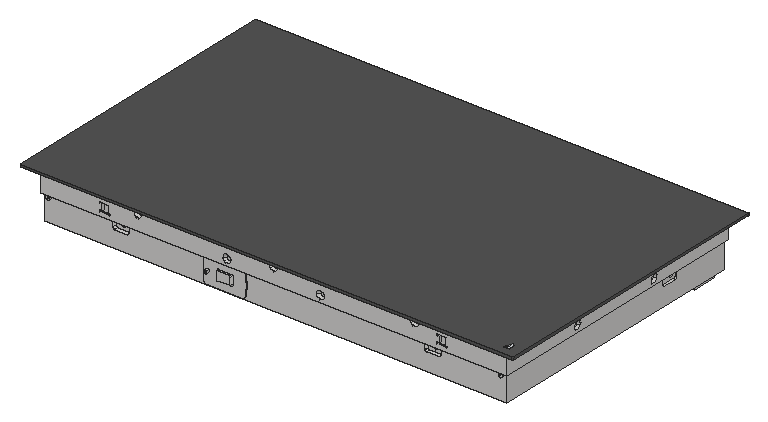
Revit family "P210876JX-014_JEC4536KB", category Specialty Equipment, Revit 2026 (continued)
Automatic sketch dimensions
  curve 104 to curve 107 = 0.44056"
  curve 44 to curve 46 = 0.44056"
  curve 60 to curve 61 = 0.44056"
  curve 68 to curve 69 = 0.44056"
  curve 88 to curve 89 = 0.44056"
  curve 90 to curve 92 = 0.05944"
  curve 69 to curve 72 = 0.05944"
  curve 45 to curve 48 = 0.05944"
  curve 48 to curve 50 = 0.44056"
  curve 92 to curve 95 = 0.44056"
  curve 72 to curve 74 = 0.44056"
  curve 93 to curve 101 = 0.2978"
  curve 74 to curve 83 = 0.2978"
  curve 50 to curve 59 = 0.2978"
  curve 82 to curve 80 = 0.44056"
  curve 57 to curve 57 = 0.44056"
  curve 101 to curve 100 = 0.44056"
  curve 80 to curve 78 = 0.05944"
  curve 100 to curve 111 = 0.05944"
  curve 61 to curve 66 = 1.2978"
  curve 56 to curve 55 = 0.05944"
  curve 100 to curve 99 = 0.05944"
  curve 98 to curve 96 = 0.44056"
  curve 108 to curve 109 = 0.44056"
  curve 66 to curve 64 = 0.44056"
  curve 53 to curve 52 = 0.44056"
  curve 78 to curve 79 = 0.44056"
  curve 28 to Extrusion 22 = 13/128"
  curve 32 to Extrusion 22 = 5.27729"
  curve 114 to Extrusion 22 = 6.70429"
  curve 133 to curve 109 = 5.22067"
  curve 106 to curve 108 = 0"
  curve 104 to curve 104 = 0.44056"
  curve 108 to curve 108 = 0.44056"
  curve 106 to curve 94 = 0.91153"
  curve 88 to curve 92 = 0"
  curve 102 to curve 93 = 0"
  curve 96 to curve 100 = 0"
  curve 97 to curve 99 = 0.44056"
  curve 93 to curve 95 = 0.44056"
  curve 100 to curve 98 = 0"
  curve 91 to curve 92 = 0"
  curve 90 to curve 85 = 2.4261"
  curve 85 to curve 87 = 0.44056"
  curve 86 to curve 73 = 0.91153"
  curve 69 to curve 72 = 0"
  curve 80 to curve 73 = 0"
  curve 78 to curve 80 = 0"
  curve 76 to curve 76 = 0.44056"
  curve 72 to curve 75 = 0.44056"
  curve 83 to curve 74 = 0"
  curve 71 to curve 72 = 0"
  curve 68 to curve 120 = 0.20978"
  curve 70 to curve 61 = 2.45735"
  curve 65 to curve 61 = 0"
  curve 65 to curve 67 = 0.44056"
  curve 60 to curve 63 = 0.44056"
  curve 64 to curve 53 = 0.91153"
  curve 56 to curve 53 = 0"
  curve 50 to curve 57 = 0"
  curve 44 to curve 48 = 0"
  curve 45 to curve 46 = 0.44056"
  curve 56 to curve 56 = 0.44056"
  curve 52 to curve 55 = 0.44056"
  curve 48 to curve 46 = 0"
  curve 126 to Extrusion 22 = 6.70429"
  curve 138 to Extrusion 22 = 5.27729"
  curve 135 to Extrusion 22 = 1.69701"
  curve 18 to Extrusion 22 = 1.69701"
  curve 18 to curve 19 = 0.01531"
  curve 135 to curve 136 = 0.01531"
  curve 124 to Extrusion 22 = 1.7803"
  curve 124 to curve 118 = 0.01788"
  curve 136 to curve 140 = 0.18272"
  curve 19 to curve 21 = 0.18272"
  curve 140 to curve 139 = 0"
  curve 124 to curve 123 = 0.19916"
  curve 118 to curve 120 = 0.18192"
  curve 139 to curve 136 = 0.21317"
  curve 23 to curve 19 = 0.21317"
  curve 123 to curve 118 = 0.20755"
  curve 18 to curve 18 = 0.12528"
  curve 135 to curve 134 = 0.12528"
  curve 18 to curve 23 = 0.01101"
  curve 135 to curve 139 = 0.01101"
  curve 18 to curve 20 = 0.1044"
  curve 135 to curve 137 = 0.1044"
  curve 20 to curve 22 = 0.08523"
  curve 137 to curve 138 = 0.08523"
  curve 124 to curve 120 = 0.1935"
  curve 124 to curve 123 = 0.00641"
  curve 123 to curve 122 = 0.04413"
  curve 122 to curve 121 = 0.03212"
  curve 119 to curve 120 = 0"  (x2)
  curve 121 to curve 121 = 0.21898"
  curve 122 to curve 122 = 0.2891"
  curve 119 to curve 120 = 0.15905"
  curve 134 to curve 138 = 3.28481"
  curve 18 to curve 22 = 3.28481"
  curve 114 to Extrusion 22 = 1.81347"
  curve 114 to curve 112 = 0.14204"
  curve 127 to Extrusion 22 = 1.81347"
  curve 127 to curve 125 = 0.14204"
  curve 127 to curve 125 = 0.05495"
  curve 114 to curve 112 = 0.05495"
  curve 125 to curve 128 = 0.0079"
  curve 114 to curve 115 = 0.14994"
  curve 112 to curve 112 = 0.17488"
  curve 125 to curve 125 = 0.17488"
  curve 128 to curve 130 = 0.13528"
  curve 115 to curve 117 = 0.13528"
  curve 128 to curve 126 = 0.16623"
  curve 115 to curve 113 = 0.16623"
  curve 43 to curve 58 = 0.1489"
  curve 129 to Extrusion 22 = 1.46705"
  curve 116 to Extrusion 22 = 1.46705"
  curve 129 to curve 127 = 0.17722"
  curve 116 to curve 114 = 0.17722"
  curve 129 to curve 130 = 0.17723"
  curve 116 to curve 117 = 0.17723"
  curve 130 to curve 126 = 0.16847"
  curve 117 to curve 113 = 0.16847"
  curve 126 to curve 129 = 0.00142"
  curve 113 to curve 116 = 0.00142"
  curve 115 to curve 114 = 0.17283"
  curve 115 to curve 113 = 0.00572"
  curve 18 to curve 22 = 0.1976"
  curve 113 to curve 117 = 0.16714"
  curve 18 to curve 20 = 0.04202"
  curve 22 to curve 23 = 0.00136"
  curve 114 to curve 112 = 1.89208"
  curve 18 to curve 19 = 0.11951"
  curve 20 to curve 18 = 0.00674"
  curve 115 to curve 112 = 0.01052"
  curve 113 to curve 116 = 0.12706"
  curve 43 to curve 108 = 0.02522"
  curve 124 to curve 120 = 6.01129"
  curve 124 to curve 119 = 0.01129"
  curve 119 to curve 120 = 0.18699"
  curve 124 to curve 123 = 0.19912"
  curve 123 to curve 122 = 1.32668"
  curve 122 to curve 121 = 1.48734"
  curve 123 to curve 118 = 0.15111"
  curve 58 to curve 43 = 2.0163"
  curve 127 to curve 129 = 0.12826"
  curve 125 to curve 128 = 0.01052"
  curve 129 to curve 126 = 0.12706"
  curve 126 to curve 130 = 0.01466"
  curve 134 to curve 137 = 0.00674"
  curve 140 to curve 136 = 0.10267"
  curve 140 to curve 139 = 0.18292"
  curve 136 to curve 135 = 0.11951"
  curve 125 to curve 130 = 1.89207"
  curve 137 to curve 135 = 0.04202"
  curve 126 to curve 128 = 0.00572"
  Extrusion 23 sketch curve to Extrusion 23 sketch curve = 0"  (x10)
  Extrusion 23 sketch curve to plane 7 = 2.48242"
  Extrusion 23 sketch curve to Extrusion 23 sketch curve = 1.77537"  (x4)
  Extrusion 23 sketch curve to Extrusion 23 sketch curve = 1.96387"  (x2)
  plane 3 "Center (Left/Right)" to Extrusion 23 sketch curve = 0.03358"
  Extrusion 23 sketch curve to plane 7 = 10.46768"
  plane 1 "Center (Front/Back)" to Extrusion 23 sketch curve = 6.8374"
  Extrusion 23 sketch curve to Extrusion 23 sketch curve = 0.66777"
  Extrusion 23 sketch curve to Extrusion 23 sketch curve = 0.94811"
  Extrusion 23 sketch curve to plane 3 "Center (Left/Right)" = 1.86061"
  Extrusion 23 sketch curve to Extrusion 23 sketch curve = 5.39304"
  plane 1 "Center (Front/Back)" to Extrusion 23 sketch curve = 5.3374"
  Extrusion 23 sketch curve to Extrusion 23 sketch curve = 0.17275"
  Extrusion 23 sketch curve to Extrusion 23 sketch curve = 2.21966"  (x3)
  Extrusion 23 sketch curve to Extrusion 23 sketch curve = 0.28034"  (x5)
  plane 3 "Center (Left/Right)" to Extrusion 23 sketch curve = 2.36061"
  Extrusion 23 sketch curve to plane 9 = 7.99319"
  Extrusion 23 sketch curve to Extrusion 23 sketch curve = 7.52211"
  Extrusion 23 sketch curve to Extrusion 23 sketch curve = 2.01416"  (x2)
  Extrusion 23 sketch curve to Extrusion 23 sketch curve = 7.1563"
  plane 10 to Extrusion 23 sketch curve = 7.99319"
  Extrusion 23 sketch curve to Extrusion 23 sketch curve = 0.58547"
  Extrusion 23 sketch curve to Extrusion 23 sketch curve = 1.63916"
  Extrusion 23 sketch curve to Extrusion 23 sketch curve = 3.13419"
  Extrusion 23 sketch curve to Extrusion 23 sketch curve = 0.38834"  (x5)
  Extrusion 2 to curve 17 = 0.36073"
  Extrusion 2 to curve 13 = 0.36073"
  Extrusion 2 to curve 17 = 0.19119"
  Extrusion 2 to curve 13 = 0.19119"
  Blend 24 sketch curve to plane 6 = 1.34884"  (x2)
  plane 3 "Center (Left/Right)" to Blend 24 sketch curve = 3.46393"  (x2)
  Extrusion 22 to Extrusion 25 sketch curve = 0.9713"  (x2)
  Extrusion 22 to Extrusion 25 sketch curve = 0.35403"  (x2)
  Extrusion 22 to Extrusion 25 sketch curve = 0.21474"  (x2)
  Extrusion 25 sketch curve to Extrusion 25 sketch curve = 0.13929"  (x6)
  Extrusion 22 to Extrusion 25 sketch curve = 1.11059"  (x2)
  Extrusion 25 sketch curve to Extrusion 25 sketch curve = 0.3598"
  Extrusion 25 sketch curve to Extrusion 25 sketch curve = 0.49909"
  Extrusion 22 to Extrusion 26 sketch curve = 0.25713"
  Extrusion 26 sketch curve to Extrusion 26 sketch curve = 0.13929"  (x4)
  Extrusion 26 sketch curve to Extrusion 26 sketch curve = 0.57487"
  Extrusion 22 to Extrusion 26 sketch curve = 0.71383"
  Extrusion 22 to Extrusion 26 sketch curve = 0.85312"
  Extrusion 22 to Extrusion 27 sketch curve = 0.9713"
  Extrusion 22 to Extrusion 27 sketch curve = 0.39643"  (x2)
  Extrusion 27 sketch curve to Extrusion 27 sketch curve = 0.13929"  (x3)
  Extrusion 22 to Extrusion 27 sketch curve = 0.71383"
  Extrusion 22 to Extrusion 27 sketch curve = 0.85312"
  Blend 28 sketch curve to Extrusion 2 = 0"
  Extrusion 2 to Blend 28 sketch curve = 5.57293"
  Blend 28 sketch curve to Blend 28 sketch curve = 0.10526"  (x2)
  Blend 28 sketch curve to Blend 28 sketch curve = 0.93825"
  Blend 28 sketch curve to Extrusion 2 = 0.42599"
  Extrusion 2 to Blend 28 sketch curve = 0"
  Blend 28 sketch curve to Extrusion 2 = 4.31003"
  Blend 28 sketch curve to Blend 28 sketch curve = 0.15156"  (x2)
  Blend 28 sketch curve to Blend 28 sketch curve = 1.0739"
  Extrusion 2 to Blend 28 sketch curve = 0.48125"
  Blend 28 to curve 8 = 0.36964"
  curve 8 to curve 10 = 0.11604"
  Blend 28 to curve 11 = 0.12646"
  curve 8 to curve 11 = 0.3333"
  Blend 28 to curve 9 = 0.25063"
  Blend 28 to curve 10 = 0.1149"
  Blend 28 to curve 10 = 0.00044"
  Blend 28 to curve 8 = 0.00063"
  Extrusion 29 sketch curve to plane 6 = 0.93692"
  plane 10 to Extrusion 29 sketch curve = 5.36685"
  Extrusion 29 sketch curve to Extrusion 29 sketch curve = 0"  (x2)
  Extrusion 29 sketch curve to Extrusion 29 sketch curve = 0.05793"
  Extrusion 29 sketch curve to Extrusion 29 sketch curve = 0.11021"  (x4)
  Extrusion 29 sketch curve to Extrusion 29 sketch curve = 0.49679"
  Extrusion 29 sketch curve to Extrusion 29 sketch curve = 0.05699"  (x2)
  Extrusion 29 sketch curve to Extrusion 29 sketch curve = 0.43238"  (x2)
  Extrusion 30 sketch curve to Extrusion 2 = 0.48573"
  Extrusion 2 to Extrusion 30 sketch curve = 0.04685"
  Extrusion 30 sketch curve to Extrusion 30 sketch curve = 1/8"  (x2)
  Extrusion 30 sketch curve to Extrusion 30 sketch curve = 0"  (x2)
  Extrusion 2 to Extrusion 30 sketch curve = 0.11902"  (x2)
  Extrusion 30 sketch curve to Extrusion 30 sketch curve = 0.14434"  (x4)
  Extrusion 2 to Extrusion 31 sketch curve = 0.48573"
  Extrusion 2 to Extrusion 31 sketch curve = 0.04685"
  Extrusion 31 sketch curve to Extrusion 31 sketch curve = 1/8"  (x3)
  Extrusion 31 sketch curve to Extrusion 31 sketch curve = 0"
  Extrusion 2 to Extrusion 31 sketch curve = 0.11902"  (x2)
  Extrusion 31 sketch curve to Extrusion 31 sketch curve = 0.14434"  (x2)
  Extrusion 31 sketch curve to Extrusion 31 sketch curve = 0.07217"  (x2)
  Extrusion 2 to Extrusion 32 sketch curve = 0.44399"
  Extrusion 32 sketch curve to Extrusion 32 sketch curve = 1.81439"
  Extrusion 2 to Extrusion 32 sketch curve = 2.18623"
  Extrusion 2 to Extrusion 32 sketch curve = 0.37373"
  Revolve 33 sketch curve to plane 8 = 0"
  Revolve 33 sketch curve to level = 1/64"
  plane 10 to Revolve 33 sketch curve = 6.10128"
  Revolve 33 sketch curve to Revolve 33 sketch curve = 0.39714"
  Revolve 33 sketch curve to Revolve 33 sketch curve = 0.45767"
  Revolve 33 sketch curve to Revolve 33 sketch curve = 0"
  level to Revolve 33 sketch curve = 1/4"
  Revolve 33 sketch curve to Revolve 33 sketch curve = 0.2053"
  plane 8 to Extrusion 34 sketch curve = 0.39115"
  plane 1 "Center (Front/Back)" to Extrusion 34 sketch curve = 3.70949"
  Extrusion 34 sketch curve to Extrusion 34 sketch curve = 0.38287"  (x2)
  Extrusion 34 sketch curve to Extrusion 34 sketch curve = 0.06013"
  Extrusion 34 sketch curve to Extrusion 34 sketch curve = 0.12024"
  Extrusion 34 sketch curve to Extrusion 34 sketch curve = 0.27413"
  plane 8 to Extrusion 35 sketch curve = 1/256"
  plane 10 to Extrusion 35 sketch curve = 4.38748"
  Extrusion 35 sketch curve to Extrusion 35 sketch curve = 0.32541"
  Extrusion 35 sketch curve to Extrusion 35 sketch curve = 0.11556"
  Extrusion 35 sketch curve to level = 0.60138"
  Extrusion 35 sketch curve to Extrusion 35 sketch curve = 0"
  Extrusion 35 sketch curve to Extrusion 35 sketch curve = 0.18244"
  Extrusion 36 sketch curve to plane 3 "Center (Left/Right)" = 0"
  level to Extrusion 36 sketch curve = 0.29964"
  Blend 37 sketch curve to plane 3 "Center (Left/Right)" = 0"  (x2)
  Blend 37 sketch curve to plane 6 = 0.69831"  (x2)
  Extrusion 2 to Extrusion 38 sketch curve = 1.46543"
  Extrusion 38 sketch curve to Extrusion 38 sketch curve = 1.81439"
  Extrusion 2 to Extrusion 38 sketch curve = 3.61567"
  Extrusion 38 sketch curve to Extrusion 38 sketch curve = 1 13/16"
  plane 1 "Center (Front/Back)" to Extrusion 39 sketch curve = 3.15226"
  Extrusion 39 sketch curve to Extrusion 39 sketch curve = 0.29513"
  Extrusion 39 sketch curve to Extrusion 39 sketch curve = 0.04212"  (x2)
  Extrusion 39 sketch curve to plane 9 = 3.13397"
  Extrusion 39 sketch curve to Extrusion 39 sketch curve = 0.0474"  (x2)
  Extrusion 39 sketch curve to Extrusion 39 sketch curve = 0.29968"
  Extrusion 41 sketch curve to level = 0"
  plane 1 "Center (Front/Back)" to Extrusion 41 sketch curve = 3 169/256"
  Extrusion 41 sketch curve to level = 0.09175"
  Extrusion 41 sketch curve to Extrusion 41 sketch curve = 0.18013"
  Extrusion 41 sketch curve to Extrusion 41 sketch curve = 0.32778"
  Revolve 42 sketch curve to level = 0"
  Revolve 42 sketch curve to plane 9 = 7.99319"
  Revolve 42 sketch curve to Revolve 42 sketch curve = 0.04983"
  Revolve 42 sketch curve to Revolve 42 sketch curve = 0.08052"
  Revolve 42 sketch curve to Revolve 42 sketch curve = 0.30781"
  Revolve 42 sketch curve to Revolve 42 sketch curve = 0.03944"
  Revolve 42 sketch curve to level = 0.13778"
  Revolve 42 sketch curve to level = 0.22093"
  Revolve 42 sketch curve to Revolve 42 sketch curve = 0.04971"
  Revolve 42 sketch curve to Revolve 42 sketch curve = 0.04642"
  Revolve 42 sketch curve to Revolve 42 sketch curve = 0"  (x2)
  Revolve 42 sketch curve to Revolve 42 sketch curve = 0.05575"
  Revolve 42 sketch curve to Revolve 42 sketch curve = 0.00971"
  Revolve 43 sketch curve to level = 0"
  plane 10 to Revolve 43 sketch curve = 7.99319"
  Revolve 43 sketch curve to Revolve 43 sketch curve = 0.04983"
  Revolve 43 sketch curve to Revolve 43 sketch curve = 0.08052"
  Revolve 43 sketch curve to Revolve 43 sketch curve = 0.30781"
  Revolve 43 sketch curve to Revolve 43 sketch curve = 0.03944"
  Revolve 43 sketch curve to level = 0.13778"
  Revolve 43 sketch curve to level = 0.22093"
  Revolve 43 sketch curve to Revolve 43 sketch curve = 0.04971"
  Revolve 43 sketch curve to Revolve 43 sketch curve = 0.04642"
  Revolve 43 sketch curve to Revolve 43 sketch curve = 0"  (x2)
  Revolve 43 sketch curve to Revolve 43 sketch curve = 0.05575"
  Revolve 43 sketch curve to Revolve 43 sketch curve = 0.00971"
  Revolve 44 sketch curve to level = 0"
  plane 10 to Revolve 44 sketch curve = 7.99319"
  Revolve 44 sketch curve to Revolve 44 sketch curve = 0.04983"
  Revolve 44 sketch curve to Revolve 44 sketch curve = 0.08052"
  Revolve 44 sketch curve to Revolve 44 sketch curve = 0.30781"
  Revolve 44 sketch curve to Revolve 44 sketch curve = 0.03944"
  Revolve 44 sketch curve to level = 0.13778"
  Revolve 44 sketch curve to level = 0.22093"
  Revolve 44 sketch curve to Revolve 44 sketch curve = 0.04971"
  Revolve 44 sketch curve to Revolve 44 sketch curve = 0.04642"
  Revolve 44 sketch curve to Revolve 44 sketch curve = 0"  (x2)
  Revolve 44 sketch curve to Revolve 44 sketch curve = 0.05575"
  Revolve 44 sketch curve to Revolve 44 sketch curve = 0.00971"
  level to Extrusion 45 sketch curve = 1.74112"
  plane 1 "Center (Front/Back)" to Extrusion 45 sketch curve = 5.67326"
  Extrusion 45 sketch curve to plane 6 = 1.85197"
  Extrusion 45 sketch curve to Extrusion 45 sketch curve = 0.09059"  (x4)
  level to Extrusion 45 sketch curve = 1.68882"
  Extrusion 45 sketch curve to Extrusion 45 sketch curve = 0.0523"  (x3)
  Extrusion 45 sketch curve to Extrusion 45 sketch curve = 0.10461"
  level to curve 39 = 1.66926"
  plane 1 "Center (Front/Back)" to curve 39 = 6.09715"
  curve 39 to curve 41 = 0.11604"
  curve 39 to curve 42 = 0.3333"
  curve 40 to curve 39 = 0.16573"
  curve 39 to curve 42 = 0.12416"
  curve 42 to curve 41 = 0.44538"
  curve 39 to curve 39 = 1/4"
  Blend 46 sketch curve to plane 6 = 1.83011"  (x2)
  plane 1 "Center (Front/Back)" to Blend 46 sketch curve = 6.4668"
  Blend 46 sketch curve to Blend 46 sketch curve = 0.10526"  (x2)
  Blend 46 sketch curve to Blend 46 sketch curve = 0.93825"
  Blend 46 sketch curve to Blend 46 sketch curve = 0.42599"
  plane 1 "Center (Front/Back)" to Blend 46 sketch curve = 5.2039"
  Blend 46 sketch curve to Blend 46 sketch curve = 0.15156"  (x2)
  Blend 46 sketch curve to Blend 46 sketch curve = 1.0739"
  Blend 46 sketch curve to Blend 46 sketch curve = 0.48125"
  Revolve 47 sketch curve to level = 0"
  Revolve 47 sketch curve to plane 9 = 7.99319"
  Revolve 47 sketch curve to Revolve 47 sketch curve = 0.04983"
  Revolve 47 sketch curve to Revolve 47 sketch curve = 0.08052"
  Revolve 47 sketch curve to Revolve 47 sketch curve = 0.30781"
  Revolve 47 sketch curve to Revolve 47 sketch curve = 0.03944"
  Revolve 47 sketch curve to level = 0.13778"
  Revolve 47 sketch curve to level = 0.22093"
  Revolve 47 sketch curve to Revolve 47 sketch curve = 0.04971"
  Revolve 47 sketch curve to Revolve 47 sketch curve = 0.04642"
  Revolve 47 sketch curve to Revolve 47 sketch curve = 0"  (x2)
  Revolve 47 sketch curve to Revolve 47 sketch curve = 0.05575"
  Revolve 47 sketch curve to Revolve 47 sketch curve = 0.00971"
  Revolve 48 sketch curve to level = 0"
  plane 3 "Center (Left/Right)" to Revolve 48 sketch curve = 0.03358"
  Revolve 48 sketch curve to plane 3 "Center (Left/Right)" = 0.01625"
  Revolve 48 sketch curve to plane 3 "Center (Left/Right)" = 0.04695"
  Revolve 48 sketch curve to Revolve 48 sketch curve = 0.30781"
  Revolve 48 sketch curve to Revolve 48 sketch curve = 0.03944"
  Revolve 48 sketch curve to level = 0.13778"
  Revolve 48 sketch curve to level = 0.22093"
  Revolve 48 sketch curve to Revolve 48 sketch curve = 0.04971"
  Revolve 48 sketch curve to Revolve 48 sketch curve = 0.04642"
  Revolve 48 sketch curve to Revolve 48 sketch curve = 0"  (x2)
  Revolve 48 sketch curve to Revolve 48 sketch curve = 0.05575"
  Revolve 48 sketch curve to Revolve 48 sketch curve = 0.00971"
  Extrusion 49 sketch curve to plane 6 = 0.93692"
  Extrusion 49 sketch curve to plane 9 = 5.36685"
  Extrusion 49 sketch curve to Extrusion 49 sketch curve = 0"
  Extrusion 49 sketch curve to Extrusion 49 sketch curve = 0.05793"
  Extrusion 49 sketch curve to Extrusion 49 sketch curve = 0.11021"  (x4)
  Extrusion 49 sketch curve to Extrusion 49 sketch curve = 0.49679"
  Extrusion 49 sketch curve to Extrusion 49 sketch curve = 0.05699"  (x3)
  Extrusion 49 sketch curve to Extrusion 49 sketch curve = 0.43238"  (x2)
  Blend 50 sketch curve to plane 6 = 0.69831"  (x2)
  Blend 50 sketch curve to plane 9 = 7.75255"  (x2)
  Blend 51 sketch curve to plane 6 = 0.69831"  (x2)
  plane 10 to Blend 51 sketch curve = 8.19005"  (x2)
  Extrusion 52 sketch curve to plane 6 = 1.54027"
  plane 10 to Extrusion 52 sketch curve = 5.36685"
  Extrusion 52 sketch curve to Extrusion 52 sketch curve = 0"
  Extrusion 52 sketch curve to Extrusion 52 sketch curve = 0.05793"
  Extrusion 52 sketch curve to Extrusion 52 sketch curve = 0.11021"  (x4)
  Extrusion 52 sketch curve to Extrusion 52 sketch curve = 0.49679"
  Extrusion 52 sketch curve to Extrusion 52 sketch curve = 0.05699"  (x3)
  Extrusion 52 sketch curve to Extrusion 52 sketch curve = 0.43238"  (x2)
  Extrusion 53 sketch curve to plane 6 = 1.54027"
  Extrusion 53 sketch curve to plane 9 = 5.36685"
  Extrusion 53 sketch curve to Extrusion 53 sketch curve = 0"
  Extrusion 53 sketch curve to Extrusion 53 sketch curve = 0.05793"
  Extrusion 53 sketch curve to Extrusion 53 sketch curve = 0.11021"  (x4)
  Extrusion 53 sketch curve to Extrusion 53 sketch curve = 0.49679"
  Extrusion 53 sketch curve to Extrusion 53 sketch curve = 0.05699"  (x3)
  Extrusion 53 sketch curve to Extrusion 53 sketch curve = 0.43238"  (x2)
  Blend 54 sketch curve to plane 3 "Center (Left/Right)" = 0"  (x2)
  Blend 54 sketch curve to plane 6 = 0.69831"  (x2)
  Blend 55 sketch curve to plane 6 = 1.34884"  (x2)
  plane 3 "Center (Left/Right)" to Blend 55 sketch curve = 3.46393"  (x2)
  Blend 56 sketch curve to plane 6 = 1.37894"  (x2)
  Blend 56 sketch curve to plane 3 "Center (Left/Right)" = 3.43003"  (x2)
  Blend 57 sketch curve to Extrusion 2 = 0"  (x2)
  Extrusion 2 to Blend 57 sketch curve = 4.91626"
  Blend 57 sketch curve to Blend 57 sketch curve = 0.10526"  (x2)
  Blend 57 sketch curve to Blend 57 sketch curve = 0.81122"
  Blend 57 sketch curve to Blend 57 sketch curve = 0.42599"
  Blend 57 sketch curve to Extrusion 2 = 6.05213"
  Blend 57 sketch curve to Blend 57 sketch curve = 0.15156"  (x2)
  Blend 57 sketch curve to Blend 57 sketch curve = 0.94688"
  Blend 57 sketch curve to Blend 57 sketch curve = 0.48125"
  level to Extrusion 58 sketch curve = 1.72399"
  Extrusion 58 sketch curve to plane 9 = 6.26715"
  Extrusion 58 sketch curve to plane 6 = 1.85926"
  Extrusion 58 sketch curve to Extrusion 58 sketch curve = 0.09628"  (x3)
  level to Extrusion 58 sketch curve = 1.6684"
  Extrusion 58 sketch curve to Extrusion 58 sketch curve = 0"
  Extrusion 58 sketch curve to Extrusion 58 sketch curve = 0.05558"  (x2)
  Extrusion 58 sketch curve to Extrusion 58 sketch curve = 0.11117"  (x2)
  radius of curve 3 = 11/64"
  radius of curve 16 = 11/64"
  radius of Blend 3 sketch curve = 0.29844"
  radius of Blend 3 sketch curve = 19/128"
  radius of Blend 4 sketch curve = 0.30058"
  radius of Blend 4 sketch curve = 51/256"
  radius of Blend 5 sketch curve = 0.30058"
  radius of Blend 5 sketch curve = 51/256"
  radius of Blend 6 sketch curve = 0.30058"
  radius of Blend 6 sketch curve = 51/256"
  radius of curve 2 = 0.18177"
  radius of Extrusion 9 sketch curve = 0.06531"
  radius of Extrusion 10 sketch curve = 0.04258"
  radius of Blend 11 sketch curve = 0.29844"
  radius of Blend 11 sketch curve = 19/128"
  radius of Blend 12 sketch curve = 0.29844"
  radius of Blend 12 sketch curve = 19/128"
  radius of Blend 13 sketch curve = 0.29844"
  radius of Blend 13 sketch curve = 19/128"
  radius of curve 7 = 0.15998"
  radius of curve 144 = 0.15998"
  radius of Extrusion 15 sketch curve = 0.0328"
  radius of Extrusion 16 sketch curve = 0.0328"
  radius of Extrusion 17 sketch curve = 0.04258"
  radius of Blend 18 sketch curve = 0.29844"
  radius of Blend 18 sketch curve = 19/128"
  radius of Blend 19 sketch curve = 0.29844"
  radius of Blend 19 sketch curve = 19/128"
  radius of Blend 20 sketch curve = 0.29844"
  radius of Blend 20 sketch curve = 19/128"
  radius of Blend 21 sketch curve = 0.29844"
  radius of Blend 21 sketch curve = 19/128"
  radius of curve 25 to Extrusion 22 = 0"
  radius of curve 29 to Extrusion 22 = 0"
  radius of curve 32 = 3.28481"
  radius of curve 131 = 5.81518"
  radius of curve 132 = 4.89288"
  radius of curve 133 = 4.89288"
  radius of curve 134 = 3.28481"
  radius of curve 13 = 11/64"
  radius of curve 17 = 11/64"
  radius of Blend 24 sketch curve = 0.30058"
  radius of Blend 24 sketch curve = 51/256"
  radius of curve 11 = 0.15998"
  radius of Extrusion 30 sketch curve = 0.04258"
  radius of Extrusion 31 sketch curve = 0.04258"
  radius of Extrusion 36 sketch curve = 1/4"
  radius of Blend 37 sketch curve = 0.30058"
  radius of Blend 37 sketch curve = 51/256"
  radius of Extrusion 40 sketch curve to Extrusion 39 = 0.14423"
  radius of Extrusion 45 sketch curve = 0.0328"
  radius of curve 42 = 0.15998"
  radius of Blend 50 sketch curve = 0.30058"
  radius of Blend 50 sketch curve = 51/256"
  radius of Blend 51 sketch curve = 0.30058"
  radius of Blend 51 sketch curve = 51/256"
  radius of Blend 54 sketch curve = 0.30058"
  radius of Blend 54 sketch curve = 51/256"
  radius of Blend 55 sketch curve = 0.30058"
  radius of Blend 55 sketch curve = 51/256"
  radius of Blend 56 sketch curve = 0.30058"
  radius of Blend 56 sketch curve = 51/256"
  radius of Extrusion 58 sketch curve = 0.0328"
Nested families (in)
  nested 1: "JennAir Logo Extra Small" at (17.16164, -20.85755, 3.75), type "JennAir Logo Extra Small"
Connectors (in)
  electrical at (0, -0.86262, 0.29964), driven by "Voltage"
    settings: on Extrusion 36, index 2, voltage 0 V, apparent load 0 VA, apparent load phase1 0 VA, apparent load phase2 0 VA, apparent load phase3 0 VA, power factor 1, load classification "Other", number of poles 1, system type 30, power factor state 1, is connector primary yes, connector utility no, sub classification motor no, connector description "Electrical Connection"
Definition of nested family "JennAir Logo Extra Small"
  Parameters (values of type "JennAir Logo Extra Small")
    Logo Material = none
    Default Elevation = 48"
  Reference planes (in)
    plane 1 "Center (Front/Back)": y = 0
    plane 2: z = 0
    plane 3 "Center (Left/Right)": x = 0
  Forms (in)
    Extrusion 1, solid
      sketch origin (0, 0, 0) x (1, 0, 0) y (0, 1, 0)
        loop
          line (-48, 48) -> (-48, -48) -> (48, -48) -> (48, 48) -> (-48, 48)
      from 0 to -12
    Extrusion 2, solid, material <- "Logo Material"
      sketch origin (0, 0, 0) x (1, 0, 0) y (0, 1, 0)
        loop
          line (-0.19564, -0.03953) -> (-0.19564, -0.1855) -> (0.19564, -0.1855) -> (0.19564, 0.1855) -> (0.02435, 0.34671) -> (0.02435, -0.08)
          arc (0.02435, -0.08) -> (0.00274, -0.10161) -> (-0.01886, -0.08) r 0.0216
          line (-0.01886, -0.08) -> (-0.01886, 0.13725) -> (-0.19564, -0.03953)
      from 0 to 0.01563
  Dimensions and locks (in)
    aligned and locked: plane 2 to Extrusion 1
    aligned and locked: level to Extrusion 1
